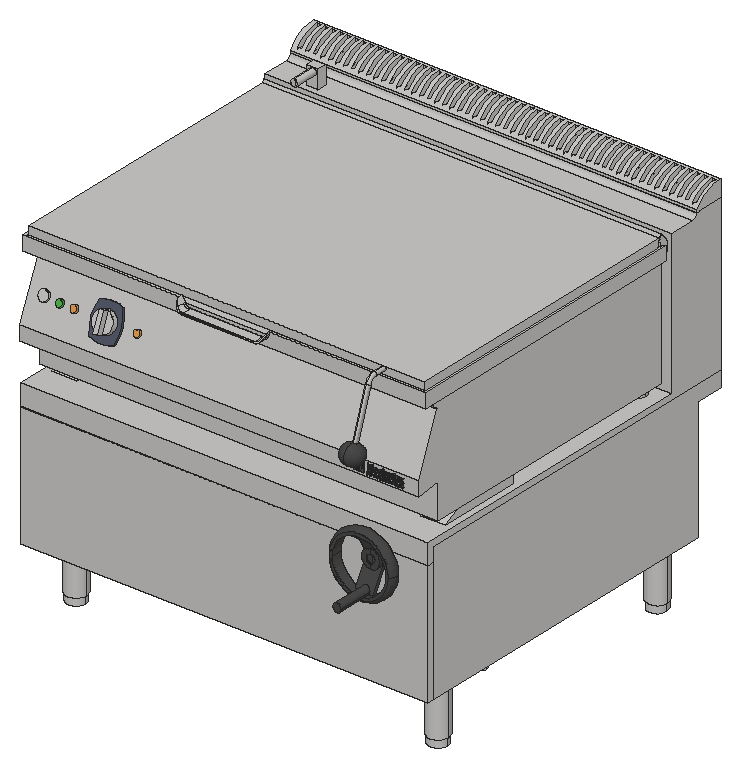
Revit family "QF_ELECTROLUXPROFESSIONAL_391594_E9PPCTBAMGI", category Attrezzature speciali, Revit 2018 (continued)
Lines and regions (mm)
  symbolic lines
    curve 178: line (489.469, -6.761, 0) -> (480.173, -6.761, 0)
    curve 179: line (480.173, -6.761, 0) -> (480.173, -63.911, 0)
    curve 180: line (498.865, -63.911, 0) -> (508.161, -63.911, 0)
    curve 181: line (508.161, -63.911, 0) -> (508.161, -6.761, 0)
    curve 182: line (508.161, -6.761, 0) -> (498.865, -6.761, 0)
    curve 183: line (498.865, -6.761, 0) -> (498.865, -63.911, 0)
    curve 184: line (517.558, -63.911, 0) -> (526.854, -63.911, 0)
    curve 185: line (526.854, -63.911, 0) -> (526.854, -6.761, 0)
    curve 186: line (526.854, -6.761, 0) -> (517.558, -6.761, 0)
    curve 187: line (517.558, -6.761, 0) -> (517.558, -63.911, 0)
    curve 188: line (536.251, -63.911, 0) -> (545.546, -63.911, 0)
    curve 189: line (545.546, -63.911, 0) -> (545.546, -6.761, 0)
    curve 190: line (545.546, -6.761, 0) -> (536.251, -6.761, 0)
    curve 191: line (536.251, -6.761, 0) -> (536.251, -63.911, 0)
    curve 192: line (554.943, -63.911, 0) -> (564.239, -63.911, 0)
    curve 193: line (564.239, -63.911, 0) -> (564.239, -6.761, 0)
    curve 194: line (564.239, -6.761, 0) -> (554.943, -6.761, 0)
    curve 195: line (554.943, -6.761, 0) -> (554.943, -63.911, 0)
    curve 196: line (573.636, -63.911, 0) -> (582.932, -63.911, 0)
    curve 197: line (582.932, -63.911, 0) -> (582.932, -6.761, 0)
    curve 198: line (582.932, -6.761, 0) -> (573.636, -6.761, 0)
    curve 199: line (573.636, -6.761, 0) -> (573.636, -63.911, 0)
    curve 200: line (592.328, -63.911, 0) -> (601.624, -63.911, 0)
    curve 201: line (601.624, -63.911, 0) -> (601.624, -6.761, 0)
    curve 202: line (601.624, -6.761, 0) -> (592.328, -6.761, 0)
    curve 203: line (592.328, -6.761, 0) -> (592.328, -63.911, 0)
    curve 204: line (611.021, -63.911, 0) -> (620.317, -63.911, 0)
    curve 205: line (620.317, -63.911, 0) -> (620.317, -6.761, 0)
    curve 206: line (620.317, -6.761, 0) -> (611.021, -6.761, 0)
    curve 207: line (611.021, -6.761, 0) -> (611.021, -63.911, 0)
    curve 208: line (629.714, -63.911, 0) -> (639.009, -63.911, 0)
    curve 209: line (639.009, -63.911, 0) -> (639.009, -6.761, 0)
    curve 210: line (639.009, -6.761, 0) -> (629.714, -6.761, 0)
    curve 211: line (629.714, -6.761, 0) -> (629.714, -63.911, 0)
    curve 212: line (648.406, -63.911, 0) -> (657.702, -63.911, 0)
    curve 213: line (657.702, -63.911, 0) -> (657.702, -6.761, 0)
    curve 214: line (657.702, -6.761, 0) -> (648.406, -6.761, 0)
    curve 215: line (648.406, -6.761, 0) -> (648.406, -63.911, 0)
    curve 216: line (667.099, -63.911, 0) -> (676.395, -63.911, 0)
    curve 217: line (676.395, -63.911, 0) -> (676.395, -6.761, 0)
    curve 218: line (676.395, -6.761, 0) -> (667.099, -6.761, 0)
    curve 219: line (667.099, -6.761, 0) -> (667.099, -63.911, 0)
    curve 220: line (685.792, -63.911, 0) -> (695.087, -63.911, 0)
    curve 221: line (695.087, -63.911, 0) -> (695.087, -6.761, 0)
    curve 222: line (695.087, -6.761, 0) -> (685.792, -6.761, 0)
    curve 223: line (685.792, -6.761, 0) -> (685.792, -63.911, 0)
    curve 224: line (704.484, -63.911, 0) -> (713.78, -63.911, 0)
    curve 225: line (713.78, -63.911, 0) -> (713.78, -6.761, 0)
    curve 226: line (713.78, -6.761, 0) -> (704.484, -6.761, 0)
    curve 227: line (704.484, -6.761, 0) -> (704.484, -63.911, 0)
    curve 228: line (723.177, -63.911, 0) -> (732.472, -63.911, 0)
    curve 229: line (732.472, -63.911, 0) -> (732.472, -6.761, 0)
    curve 230: line (732.472, -6.761, 0) -> (723.177, -6.761, 0)
    curve 231: line (723.177, -6.761, 0) -> (723.177, -63.911, 0)
    curve 232: line (741.869, -63.911, 0) -> (751.165, -63.911, 0)
    curve 233: line (751.165, -63.911, 0) -> (751.165, -6.761, 0)
    curve 234: line (751.165, -6.761, 0) -> (741.869, -6.761, 0)
    curve 235: line (741.869, -6.761, 0) -> (741.869, -63.911, 0)
    curve 236: line (760.562, -63.911, 0) -> (769.858, -63.911, 0)
    curve 237: line (769.858, -63.911, 0) -> (769.858, -6.761, 0)
    curve 238: line (769.858, -6.761, 0) -> (760.562, -6.761, 0)
    curve 239: line (760.562, -6.761, 0) -> (760.562, -63.911, 0)
    curve 240: line (777.847, -63.911, 0) -> (787.142, -63.911, 0)
    curve 241: line (787.142, -63.911, 0) -> (787.142, -6.761, 0)
    curve 242: line (787.142, -6.761, 0) -> (777.847, -6.761, 0)
    curve 243: line (777.847, -6.761, 0) -> (777.847, -63.911, 0)
    curve 244: line (796.539, -63.911, 0) -> (805.835, -63.911, 0)
    curve 245: line (805.835, -63.911, 0) -> (805.835, -6.761, 0)
    curve 246: line (805.835, -6.761, 0) -> (796.539, -6.761, 0)
    curve 247: line (796.539, -6.761, 0) -> (796.539, -63.911, 0)
    curve 248: line (815.232, -63.911, 0) -> (824.528, -63.911, 0)
    curve 249: line (824.528, -63.911, 0) -> (824.528, -6.761, 0)
    curve 250: line (824.528, -6.761, 0) -> (815.232, -6.761, 0)
    curve 251: line (815.232, -6.761, 0) -> (815.232, -63.911, 0)
    curve 252: line (833.924, -63.911, 0) -> (843.22, -63.911, 0)
    curve 253: line (843.22, -63.911, 0) -> (843.22, -6.761, 0)
    curve 254: line (843.22, -6.761, 0) -> (833.924, -6.761, 0)
    curve 255: line (833.924, -6.761, 0) -> (833.924, -63.911, 0)
    curve 256: line (852.617, -63.911, 0) -> (861.913, -63.911, 0)
    curve 257: line (861.913, -63.911, 0) -> (861.913, -6.761, 0)
    curve 258: line (861.913, -6.761, 0) -> (852.617, -6.761, 0)
    curve 259: line (852.617, -6.761, 0) -> (852.617, -63.911, 0)
    curve 260: line (871.31, -63.911, 0) -> (880.605, -63.911, 0)
    curve 261: line (880.605, -63.911, 0) -> (880.605, -6.761, 0)
    curve 262: line (880.605, -6.761, 0) -> (871.31, -6.761, 0)
    curve 263: line (871.31, -6.761, 0) -> (871.31, -63.911, 0)
    curve 264: line (890.002, -63.911, 0) -> (899.298, -63.911, 0)
    curve 265: line (899.298, -63.911, 0) -> (899.298, -6.761, 0)
    curve 266: line (899.298, -6.761, 0) -> (890.002, -6.761, 0)
    curve 267: line (890.002, -6.761, 0) -> (890.002, -63.911, 0)
    curve 268: line (908.695, -63.911, 0) -> (917.991, -63.911, 0)
    curve 269: line (917.991, -63.911, 0) -> (917.991, -6.761, 0)
    curve 270: line (917.991, -6.761, 0) -> (908.695, -6.761, 0)
    curve 271: line (908.695, -6.761, 0) -> (908.695, -63.911, 0)
    curve 272: line (927.388, -63.911, 0) -> (936.683, -63.911, 0)
    curve 273: line (936.683, -63.911, 0) -> (936.683, -6.761, 0)
    curve 274: line (936.683, -6.761, 0) -> (927.388, -6.761, 0)
    curve 275: line (927.388, -6.761, 0) -> (927.388, -63.911, 0)
    curve 276: line (946.08, -63.911, 0) -> (955.376, -63.911, 0)
    curve 277: line (955.376, -63.911, 0) -> (955.376, -6.761, 0)
    curve 278: line (955.376, -6.761, 0) -> (946.08, -6.761, 0)
    curve 279: line (946.08, -6.761, 0) -> (946.08, -63.911, 0)
    curve 280: line (983.465, -63.911, 0) -> (992.761, -63.911, 0)
    curve 281: line (992.761, -63.911, 0) -> (992.761, -6.761, 0)
    curve 282: line (992.761, -6.761, 0) -> (983.465, -6.761, 0)
    curve 283: line (983.465, -6.761, 0) -> (983.465, -63.911, 0)
    curve 284: line (964.773, -63.911, 0) -> (974.068, -63.911, 0)
    curve 285: line (974.068, -63.911, 0) -> (974.068, -6.761, 0)
    curve 286: line (974.068, -6.761, 0) -> (964.773, -6.761, 0)
    curve 287: line (964.773, -6.761, 0) -> (964.773, -63.911, 0)
  symbolic lines, style "QF_Clearances", visible <- "Show Clearance", detail levels coarse
    curve 17: line (-50, 50, 150) -> (-50, -918.182, 150)
    curve 18: line (1050, 50, 150) -> (1050, -915, 150)
    curve 19: line (1050, 50, 150) -> (-50, 50, 150)
Dimensions and locks
  equal spacing: plane 3 "LEFT", plane 7 "Center Y", plane 4 "RIGHT"
  plane 3 "LEFT" to plane 4 "RIGHT" = 1000 mm
  equal spacing: plane 5 "FRONT", plane 8 "Center X", plane 1 "BACK"
  plane 5 "FRONT" to plane 1 "BACK" = 915 mm  (x2)
  plane 21 to level = 850 mm
  plane 9 "Base" to level = 149 mm
  plane 11 to level = 1653 mm
  plane 11 to plane 2 = 1653 mm
  plane 9 "Base" to plane 2 = 149 mm
  plane 13 to plane 12 = 674 mm
  plane 1 "BACK" to plane 14 = 1034 mm  (x2)
  plane 6 "TOP" to plane 2 = 908 mm
  plane 14 to plane 1 "BACK" = 1034 mm
  plane 4 "RIGHT" to plane 17 to plane 15 to plane 3 "LEFT" = 55 mm, 890 mm, 55 mm
  plane 1 "BACK" to plane 18 = 1014 mm
  Extrusion 12 to plane 1 "BACK" = 69 mm
  Extrusion 6 to plane 9 "Base" = 701 mm
  plane 2 to Extrusion 12 = 448 mm
  Extrusion 3 to plane 13 = 100.182 mm
  plane 12 to Extrusion 12 = 56 mm
  plane 4 "RIGHT" to plane 20 = 14 mm
  plane 21 to plane 9 "Base" to level = 701 mm, 149 mm
  plane 1 "BACK" to Extrusion 12 = 69 mm
  Extrusion 12 to plane 12 = 56 mm
  plane 12 to plane 13 = 674 mm
  plane 13 to Extrusion 3 = 100.182 mm
  Extrusion 12 to level = 448 mm
  plane 6 "TOP" to level = 908 mm
  plane 22 "Connection" to level = 182 mm
  plane 1 "BACK" to plane 23 = 706 mm
  plane 3 "LEFT" to Extrusion 17 sketch curve = 105 mm
  Extrusion 18 sketch curve to plane 1 "BACK" = 698 mm
  plane 3 "LEFT" to Extrusion 18 sketch curve = 195 mm
  Extrusion 18 to plane 1 "BACK" = 698 mm
  plane 3 "LEFT" to Extrusion 19 sketch curve = 265 mm
  plane 3 "LEFT" to plane 25 = 105 mm
  plane 3 "LEFT" to plane 26 = 195 mm
  plane 3 "LEFT" to plane 24 = 265 mm
  Extrusion 3 to Extrusion 15 = 181 mm
  Extrusion 15 to Extrusion 3 = 181 mm
  aligned and locked: level to plane 2
  aligned and locked: Extrusion 12 to plane 3 "LEFT"
Automatic sketch dimensions
  Revolve 1 sketch curve to plane 9 "Base" = 0 mm  (x2)
  Revolve 1 sketch curve to level = 0 mm
  Revolve 1 sketch curve to plane 15 = 0 mm  (x2)
  Revolve 1 sketch curve to Revolve 1 sketch curve = 22.9 mm
  Revolve 1 sketch curve to Revolve 1 sketch curve = 2.5 mm
  level to Revolve 1 sketch curve = 19.05 mm
  Revolve 1 sketch curve to plane 22 "Connection" = 13 mm
  Revolve 2 sketch curve to plane 9 "Base" = 0 mm  (x2)
  Revolve 2 sketch curve to level = 0 mm
  Revolve 2 sketch curve to plane 15 = 0 mm  (x2)
  Revolve 2 sketch curve to Revolve 2 sketch curve = 22.9 mm
  Revolve 2 sketch curve to Revolve 2 sketch curve = 2.5 mm
  level to Revolve 2 sketch curve = 19.05 mm
  Revolve 2 sketch curve to plane 22 "Connection" = 13 mm
  Extrusion 7 sketch curve to plane 10 = 0 mm
  Extrusion 7 sketch curve to plane 13 = 25.484 mm
  plane 13 to Extrusion 7 sketch curve = 28.261 mm
  plane 23 to Extrusion 7 sketch curve = 87.5 mm
  plane 10 to Extrusion 7 sketch curve = 26.213 mm
  Extrusion 8 sketch curve to plane 17 = 8.429 mm
  Extrusion 8 sketch curve to plane 15 = 8.429 mm
  Extrusion 8 sketch curve to plane 12 = 64.686 mm  (x2)
  Extrusion 9 sketch curve to plane 6 "TOP" = 10 mm
  Extrusion 9 sketch curve to plane 12 = 7.127 mm
  plane 12 to Extrusion 9 sketch curve = 16.931 mm
  plane 21 to Extrusion 9 sketch curve = 3.88 mm
  Revolve 10 sketch curve to plane 6 "TOP" = 19.903 mm
  Revolve 10 sketch curve to plane 12 = 63.311 mm
  Revolve 10 sketch curve to plane 12 = 7.127 mm
  Revolve 10 sketch curve to Revolve 10 sketch curve = 0 mm  (x2)
  plane 12 to Revolve 10 sketch curve = 1.394 mm
  Revolve 10 sketch curve to plane 6 "TOP" = 11.778 mm
  Revolve 13 sketch curve to plane 9 "Base" = 0 mm  (x2)
  Revolve 13 sketch curve to level = 0 mm
  plane 17 to Revolve 13 sketch curve = 0 mm  (x2)
  Revolve 13 sketch curve to plane 20 = 18.1 mm
  Revolve 13 sketch curve to Revolve 13 sketch curve = 2.5 mm
  Revolve 13 sketch curve to plane 22 "Connection" = 13 mm
  level to Revolve 13 sketch curve = 19.05 mm
  Revolve 14 sketch curve to plane 9 "Base" = 0 mm  (x2)
  Revolve 14 sketch curve to level = 0 mm
  plane 17 to Revolve 14 sketch curve = 0 mm  (x2)
  Revolve 14 sketch curve to plane 20 = 18.1 mm
  Revolve 14 sketch curve to Revolve 14 sketch curve = 2.5 mm
  Revolve 14 sketch curve to plane 22 "Connection" = 13 mm
  level to Revolve 14 sketch curve = 19.05 mm
  plane 17 to Sweep 20 sketch curve = 60 mm
  Sweep 20 sketch curve to plane 10 = 63.57 mm
  Sweep 20 sketch curve to profile plane = 1.641 mm
  Sweep 20 sketch curve to profile plane = 7.394 mm
  Sweep 20 sketch curve to Sweep 20 sketch curve = 5.753 mm
  Sweep 20 sketch curve to Sweep 20 sketch curve = 6.722 mm
  Sweep 20 sketch curve to Sweep 20 sketch curve = 3.093 mm
  profile plane to Sweep 20 sketch curve = 740.784 mm
  Sweep 20 sketch curve to Sweep 20 sketch curve = 3.53 mm
  Sweep 20 sketch curve to Sweep 20 sketch curve = 10.864 mm
  plane 17 to Extrusion 21 sketch curve = 60 mm
  Extrusion 21 sketch curve to plane 10 = 124.454 mm
  Extrusion 22 sketch curve to plane 25 = 17.623 mm
  plane 25 to Extrusion 23 sketch curve = 17.681 mm
  Extrusion 24 sketch curve to plane 26 = 7.917 mm
  Extrusion 25 sketch curve to Extrusion 25 sketch curve = 24.732 mm
  Extrusion 25 sketch curve to Extrusion 25 sketch curve = 0 mm
  Extrusion 26 sketch curve to plane 15 = 7.427 mm
  Extrusion 27 sketch curve to plane 24 = 12.623 mm
  plane 10 to Extrusion 30 sketch curve = 0 mm
  Extrusion 30 sketch curve to plane 13 = 25.484 mm
  plane 13 to Extrusion 30 sketch curve = 28.261 mm
  plane 23 to Extrusion 30 sketch curve = 87.5 mm
  plane 10 to Extrusion 30 sketch curve = 26.213 mm
  plane 18 to Revolve 34 sketch curve = 18.604 mm
  Revolve 34 sketch curve to Revolve 34 sketch curve = 0 mm  (x4)
  plane 18 to Revolve 34 sketch curve = 22.834 mm
  Revolve 34 sketch curve to Revolve 34 sketch curve = 3.746 mm
  Revolve 34 sketch curve to Revolve 34 sketch curve = 7.415 mm
  plane 10 to Revolve 34 sketch curve = 172.444 mm
  Revolve 34 sketch curve to Revolve 34 sketch curve = 22.45 mm
  Extrusion 35 sketch curve to plane 11 = 87.075 mm
  plane 8 "Center X" to Extrusion 35 sketch curve = 110.667 mm
  Extrusion 35 sketch curve to Extrusion 35 sketch curve = 694.86 mm
  Extrusion 35 sketch curve to Extrusion 35 sketch curve = 15.993 mm
  Extrusion 35 sketch curve to Extrusion 35 sketch curve = 5.354 mm
  Extrusion 35 sketch curve to Extrusion 35 sketch curve = 3.503 mm
  Extrusion 35 sketch curve to Extrusion 35 sketch curve = 12.189 mm
  Extrusion 35 sketch curve to Extrusion 35 sketch curve = 3.348 mm
  Extrusion 35 sketch curve to Extrusion 35 sketch curve = 18.4 mm  (x2)
  Extrusion 35 sketch curve to Extrusion 35 sketch curve = 2.697 mm
  Extrusion 35 sketch curve to Extrusion 35 sketch curve = 14.057 mm
  Extrusion 35 sketch curve to Extrusion 35 sketch curve = 4.418 mm
  Extrusion 35 sketch curve to Extrusion 35 sketch curve = 11 mm
  Extrusion 35 sketch curve to Extrusion 35 sketch curve = 6.539 mm
  Sweep 36 sketch curve to plane 8 "Center X" = 20.462 mm
  Sweep 36 sketch curve to plane 11 = 28.458 mm
  Sweep 36 sketch curve to Sweep 36 sketch curve = 41.037 mm
  Sweep 36 sketch curve to Sweep 36 sketch curve = 18.794 mm
  Sweep 36 sketch curve to Sweep 36 sketch curve = 28.354 mm
  Sweep 36 sketch curve to Sweep 36 sketch curve = 105.908 mm
  Sweep 36 sketch curve to Sweep 36 sketch curve = 6.84 mm
  Sweep 36 sketch curve to profile plane = 0 mm
  profile plane to Sweep 36 sketch curve = 676.16 mm
  Revolve 37 sketch curve to plane 11 = 23.591 mm
  Revolve 37 sketch curve to plane 8 "Center X" = 65.198 mm
  Revolve 37 sketch curve to Revolve 37 sketch curve = 0 mm  (x4)
  Revolve 37 sketch curve to Revolve 37 sketch curve = 4.229 mm
  Revolve 37 sketch curve to Revolve 37 sketch curve = 3.746 mm
  Revolve 37 sketch curve to Revolve 37 sketch curve = 7.415 mm
  Revolve 37 sketch curve to Revolve 37 sketch curve = 22.45 mm
  plane 26 to Extrusion 38 sketch curve = 22.344 mm
  plane 24 to Extrusion 38 sketch curve = 31.059 mm
  Extrusion 38 sketch curve to Extrusion 38 sketch curve = 0 mm
  Extrusion 38 sketch curve to plane 26 = 8.324 mm
  Extrusion 38 sketch curve to Extrusion 38 sketch curve = 12.3 mm  (x2)
  plane 24 to Extrusion 38 sketch curve = 7.4 mm
  Extrusion 38 sketch curve to Extrusion 38 sketch curve = 34.925 mm  (x2)
  Extrusion 38 sketch curve to Extrusion 38 sketch curve = 50.015 mm
  plane 26 to Extrusion 38 sketch curve = 20.225 mm
  Extrusion 40 sketch curve to Extrusion 40 sketch curve = 7.323 mm
  Extrusion 40 sketch curve to Extrusion 40 sketch curve = 14.203 mm
  Extrusion 40 sketch curve to Extrusion 40 sketch curve = 14.214 mm
  Extrusion 40 sketch curve to plane 21 = 19.693 mm
  Extrusion 40 sketch curve to plane 21 = 19.699 mm
  Extrusion 40 sketch curve to Extrusion 40 sketch curve = 4.465 mm
  Extrusion 40 sketch curve to Extrusion 40 sketch curve = 4.485 mm
  Extrusion 40 sketch curve to Extrusion 40 sketch curve = 12.672 mm
  Extrusion 40 sketch curve to Extrusion 40 sketch curve = 21.263 mm
  plane 7 "Center Y" to Extrusion 40 sketch curve = 110.002 mm
  Extrusion 40 sketch curve to plane 7 "Center Y" = 88.472 mm
  Extrusion 40 sketch curve to Extrusion 40 sketch curve = 7.316 mm
  Extrusion 28 sketch curve to Extrusion 28 sketch curve = 0 mm  (x4)
  Extrusion 28 sketch curve to plane 21 = 26.099 mm
  Extrusion 28 sketch curve to plane 7 "Center Y" = 110.002 mm
  Extrusion 28 sketch curve to Extrusion 28 sketch curve = 4.545 mm
  Extrusion 28 sketch curve to plane 21 = 32.371 mm
  Extrusion 28 sketch curve to Extrusion 28 sketch curve = 2.771 mm  (x2)
  Extrusion 28 sketch curve to Extrusion 28 sketch curve = 14.214 mm
  plane 7 "Center Y" to Extrusion 28 sketch curve = 88.476 mm
  Extrusion 28 sketch curve to Extrusion 28 sketch curve = 14.203 mm
  Extrusion 28 sketch curve to plane 21 = 33.978 mm
  Extrusion 28 sketch curve to Extrusion 28 sketch curve = 4.548 mm
  Extrusion 28 sketch curve to Extrusion 28 sketch curve = 8.206 mm
  Extrusion 28 sketch curve to Extrusion 28 sketch curve = 7.878 mm
  Extrusion 28 sketch curve to Extrusion 28 sketch curve = 6.4 mm  (x2)
  Extrusion 28 sketch curve to Extrusion 28 sketch curve = 3.2 mm
  Extrusion 39 sketch curve to Extrusion 39 sketch curve = 0 mm  (x28)
  plane 17 to Extrusion 39 sketch curve = 36.031 mm
  plane 10 to Extrusion 39 sketch curve = 104.853 mm
  Extrusion 39 sketch curve to Extrusion 39 sketch curve = 3.509 mm  (x2)
  Extrusion 39 sketch curve to plane 17 = 4.633 mm
  Extrusion 39 sketch curve to Extrusion 39 sketch curve = 2.459 mm  (x3)
  plane 17 to Extrusion 39 sketch curve = 0.399 mm
  plane 17 to Extrusion 39 sketch curve = 3.14 mm
  plane 17 to Extrusion 39 sketch curve = 9.143 mm
  Extrusion 39 sketch curve to Extrusion 39 sketch curve = 5.968 mm
  Extrusion 39 sketch curve to Extrusion 39 sketch curve = 0.918 mm  (x4)
  Extrusion 39 sketch curve to Extrusion 39 sketch curve = 0.949 mm  (x2)
  Extrusion 39 sketch curve to Extrusion 39 sketch curve = 1.035 mm
  Extrusion 39 sketch curve to Extrusion 39 sketch curve = 1.047 mm
  Extrusion 39 sketch curve to Extrusion 39 sketch curve = 3.513 mm  (x2)
  plane 17 to Extrusion 39 sketch curve = 41.887 mm
  Extrusion 39 sketch curve to Extrusion 39 sketch curve = 0.045 mm  (x2)
  plane 17 to Extrusion 39 sketch curve = 34.554 mm
  Extrusion 39 sketch curve to Extrusion 39 sketch curve = 0.277 mm
  Extrusion 39 sketch curve to Extrusion 39 sketch curve = 0.3 mm  (x2)
  Extrusion 39 sketch curve to Extrusion 39 sketch curve = 0.004 mm  (x3)
  Extrusion 39 sketch curve to Extrusion 39 sketch curve = 0.636 mm
  Extrusion 39 sketch curve to Extrusion 39 sketch curve = 0.02 mm  (x3)
  plane 17 to Extrusion 39 sketch curve = 41.125 mm
  Extrusion 39 sketch curve to Extrusion 39 sketch curve = 0.479 mm  (x2)
  plane 17 to Extrusion 39 sketch curve = 33.791 mm
  Extrusion 39 sketch curve to Extrusion 39 sketch curve = 1.645 mm
  Extrusion 39 sketch curve to Extrusion 39 sketch curve = 1.672 mm
  plane 17 to Extrusion 39 sketch curve = 9.181 mm
  Extrusion 39 sketch curve to Extrusion 39 sketch curve = 1.71 mm
  Extrusion 39 sketch curve to Extrusion 39 sketch curve = 0.447 mm  (x2)
  Extrusion 39 sketch curve to Extrusion 39 sketch curve = 0.343 mm
  Extrusion 39 sketch curve to Extrusion 39 sketch curve = 0.246 mm
  Extrusion 39 sketch curve to Extrusion 39 sketch curve = 0.124 mm  (x2)
  Extrusion 39 sketch curve to Extrusion 39 sketch curve = 1.995 mm
  plane 17 to Extrusion 39 sketch curve = 1.32 mm
  Extrusion 39 sketch curve to Extrusion 39 sketch curve = 0.996 mm  (x2)
  Extrusion 39 sketch curve to Extrusion 39 sketch curve = 0.509 mm
  Extrusion 39 sketch curve to Extrusion 39 sketch curve = 2.427 mm  (x2)
  Extrusion 39 sketch curve to Extrusion 39 sketch curve = 0.616 mm  (x2)
  Extrusion 39 sketch curve to Extrusion 39 sketch curve = 0.017 mm  (x2)
  Extrusion 39 sketch curve to Extrusion 39 sketch curve = 0.926 mm
  Extrusion 39 sketch curve to Extrusion 39 sketch curve = 0.911 mm
  Extrusion 39 sketch curve to Extrusion 39 sketch curve = 1.839 mm
  Extrusion 39 sketch curve to Extrusion 39 sketch curve = 0.306 mm  (x2)
  Extrusion 39 sketch curve to Extrusion 39 sketch curve = 0.917 mm  (x3)
  Extrusion 39 sketch curve to Extrusion 39 sketch curve = 0.159 mm  (x2)
  plane 17 to Extrusion 39 sketch curve = 1.769 mm
  Extrusion 39 sketch curve to Extrusion 39 sketch curve = 1.342 mm
  Extrusion 39 sketch curve to Extrusion 39 sketch curve = 0.187 mm  (x2)
  Extrusion 39 sketch curve to Extrusion 39 sketch curve = 0.679 mm  (x2)
  Extrusion 39 sketch curve to Extrusion 39 sketch curve = 0.67 mm
  Extrusion 39 sketch curve to Extrusion 39 sketch curve = 0.002 mm
  Extrusion 39 sketch curve to Extrusion 39 sketch curve = 0.007 mm  (x3)
  Extrusion 39 sketch curve to Extrusion 39 sketch curve = 0.383 mm  (x4)
  plane 17 to Extrusion 39 sketch curve = 31.86 mm
  plane 17 to Extrusion 39 sketch curve = 39.193 mm
  Extrusion 39 sketch curve to Extrusion 39 sketch curve = 0.075 mm  (x2)
  Extrusion 39 sketch curve to Extrusion 39 sketch curve = 0.677 mm  (x2)
  Extrusion 39 sketch curve to Extrusion 39 sketch curve = 0.957 mm
  Extrusion 39 sketch curve to Extrusion 39 sketch curve = 1.024 mm
  Extrusion 39 sketch curve to Extrusion 39 sketch curve = 0.328 mm  (x2)
  plane 17 to Extrusion 39 sketch curve = 31.143 mm
  Extrusion 39 sketch curve to Extrusion 39 sketch curve = 0.492 mm  (x2)
  plane 17 to Extrusion 39 sketch curve = 38.476 mm
  plane 17 to Extrusion 39 sketch curve = 1.799 mm
  Extrusion 39 sketch curve to Extrusion 39 sketch curve = 1.815 mm
  Extrusion 39 sketch curve to Extrusion 39 sketch curve = 3.936 mm
  plane 17 to Extrusion 39 sketch curve = 11.401 mm
  Extrusion 39 sketch curve to Extrusion 39 sketch curve = 1.802 mm
  Extrusion 39 sketch curve to Extrusion 39 sketch curve = 0.781 mm
  plane 17 to Extrusion 39 sketch curve = 23.717 mm  (x4)
  Extrusion 39 sketch curve to Extrusion 39 sketch curve = 4.769 mm
  plane 17 to Extrusion 39 sketch curve = 48.012 mm  (x4)
  Extrusion 39 sketch curve to Extrusion 39 sketch curve = 4.78 mm
  plane 17 to Extrusion 39 sketch curve = 7.789 mm
  Extrusion 39 sketch curve to Extrusion 39 sketch curve = 4.809 mm
  plane 17 to Extrusion 39 sketch curve = 59.783 mm
  Extrusion 39 sketch curve to Extrusion 39 sketch curve = 4.821 mm
  plane 17 to Extrusion 39 sketch curve = 37.77 mm
  Extrusion 39 sketch curve to Extrusion 39 sketch curve = 5.852 mm
  Extrusion 39 sketch curve to plane 17 = 5.755 mm
  Extrusion 39 sketch curve to Extrusion 39 sketch curve = 5.071 mm  (x3)
  Extrusion 39 sketch curve to plane 17 = 0.598 mm
  Extrusion 39 sketch curve to Extrusion 39 sketch curve = 0.003 mm  (x2)
  plane 17 to Extrusion 39 sketch curve = 38.791 mm
  Extrusion 39 sketch curve to Extrusion 39 sketch curve = 0.046 mm
  Extrusion 39 sketch curve to Extrusion 39 sketch curve = 0.068 mm
  Extrusion 39 sketch curve to Extrusion 39 sketch curve = 10.348 mm
  plane 17 to Extrusion 39 sketch curve = 43.925 mm  (x2)
  Extrusion 39 sketch curve to Extrusion 39 sketch curve = 1.761 mm
  plane 17 to Extrusion 39 sketch curve = 55.493 mm
  Extrusion 39 sketch curve to Extrusion 39 sketch curve = 1.821 mm
  plane 17 to Extrusion 39 sketch curve = 59.702 mm
  Extrusion 39 sketch curve to Extrusion 39 sketch curve = 2.064 mm  (x2)
  Extrusion 39 sketch curve to Extrusion 39 sketch curve = 2.196 mm  (x3)
  Extrusion 39 sketch curve to Extrusion 39 sketch curve = 2.206 mm  (x2)
  plane 17 to Extrusion 39 sketch curve = 7.77 mm
  Extrusion 39 sketch curve to Extrusion 39 sketch curve = 2.216 mm
  Extrusion 39 sketch curve to Extrusion 39 sketch curve = 0.588 mm
  Extrusion 39 sketch curve to Extrusion 39 sketch curve = 0.037 mm
  Extrusion 39 sketch curve to Extrusion 39 sketch curve = 0.109 mm
  plane 17 to Extrusion 39 sketch curve = 37.761 mm
  Extrusion 39 sketch curve to Extrusion 39 sketch curve = 2.272 mm  (x2)
  plane 17 to Extrusion 39 sketch curve = 0.253 mm
  Extrusion 39 sketch curve to Extrusion 39 sketch curve = 2.435 mm
  Extrusion 39 sketch curve to Extrusion 39 sketch curve = 1.25 mm
  plane 17 to Extrusion 39 sketch curve = 56.95 mm
  Extrusion 39 sketch curve to Extrusion 39 sketch curve = 1.417 mm
  plane 17 to Extrusion 39 sketch curve = 45.422 mm  (x2)
  Extrusion 39 sketch curve to Extrusion 39 sketch curve = 1.558 mm  (x2)
  Extrusion 39 sketch curve to plane 17 = 6.031 mm
  Extrusion 39 sketch curve to Extrusion 39 sketch curve = 3.247 mm
  Extrusion 39 sketch curve to plane 17 = 3.176 mm  (x2)
  Extrusion 39 sketch curve to Extrusion 39 sketch curve = 0.339 mm
  Extrusion 39 sketch curve to Extrusion 39 sketch curve = 4.029 mm
  plane 17 to Extrusion 39 sketch curve = 3.116 mm
  Extrusion 39 sketch curve to Extrusion 39 sketch curve = 1.655 mm
  plane 17 to Extrusion 39 sketch curve = 9.985 mm
  Extrusion 39 sketch curve to Extrusion 39 sketch curve = 0.201 mm
  plane 17 to Extrusion 39 sketch curve = 42.42 mm
  Extrusion 39 sketch curve to Extrusion 39 sketch curve = 2.769 mm
  Extrusion 39 sketch curve to Extrusion 39 sketch curve = 0.162 mm
  Extrusion 39 sketch curve to Extrusion 39 sketch curve = 0.137 mm
  Extrusion 39 sketch curve to Extrusion 39 sketch curve = 2.101 mm
  Extrusion 39 sketch curve to Extrusion 39 sketch curve = 0.103 mm  (x2)
  Extrusion 39 sketch curve to Extrusion 39 sketch curve = 2.671 mm
  plane 17 to Extrusion 39 sketch curve = 65.227 mm
  Extrusion 39 sketch curve to Extrusion 39 sketch curve = 0.566 mm
  plane 17 to Extrusion 39 sketch curve = 29.258 mm
  Extrusion 39 sketch curve to Extrusion 39 sketch curve = 3.183 mm  (x2)
  plane 17 to Extrusion 39 sketch curve = 18.177 mm
  Extrusion 39 sketch curve to Extrusion 39 sketch curve = 5.077 mm
  plane 17 to Extrusion 39 sketch curve = 26.859 mm
  plane 17 to Extrusion 39 sketch curve = 20.575 mm
  plane 17 to Extrusion 39 sketch curve = 53.557 mm
  Extrusion 39 sketch curve to Extrusion 39 sketch curve = 0.627 mm
  plane 17 to Extrusion 39 sketch curve = 51.149 mm
  plane 17 to Extrusion 39 sketch curve = 33.375 mm  (x2)
  Extrusion 39 sketch curve to Extrusion 39 sketch curve = 0.262 mm
  Extrusion 39 sketch curve to plane 17 = 1.847 mm
  Extrusion 39 sketch curve to Extrusion 39 sketch curve = 1.773 mm
  Extrusion 39 sketch curve to plane 17 = 4.507 mm
  Extrusion 39 sketch curve to Extrusion 39 sketch curve = 1.793 mm
  Extrusion 39 sketch curve to Extrusion 39 sketch curve = 1.788 mm
  plane 17 to Extrusion 39 sketch curve = 57.274 mm
  Extrusion 39 sketch curve to Extrusion 39 sketch curve = 1.7 mm
  Extrusion 39 sketch curve to Extrusion 39 sketch curve = 1.733 mm
  Extrusion 39 sketch curve to Extrusion 39 sketch curve = 4.169 mm
  Extrusion 39 sketch curve to Extrusion 39 sketch curve = 1.242 mm
  Extrusion 39 sketch curve to Extrusion 39 sketch curve = 2.572 mm  (x2)
  Extrusion 39 sketch curve to plane 17 = 6.394 mm
  Extrusion 39 sketch curve to Extrusion 39 sketch curve = 2.881 mm
  Extrusion 39 sketch curve to Extrusion 39 sketch curve = 3.582 mm
  plane 17 to Extrusion 39 sketch curve = 30.635 mm
  Extrusion 39 sketch curve to Extrusion 39 sketch curve = 0.101 mm
  plane 17 to Extrusion 39 sketch curve = 0.157 mm
  Extrusion 39 sketch curve to Extrusion 39 sketch curve = 2.74 mm
  Extrusion 39 sketch curve to Extrusion 39 sketch curve = 1.113 mm
  plane 17 to Extrusion 39 sketch curve = 59.844 mm  (x2)
  Extrusion 39 sketch curve to Extrusion 39 sketch curve = 2.226 mm
  Extrusion 39 sketch curve to Extrusion 39 sketch curve = 2.28 mm
  Extrusion 39 sketch curve to Extrusion 39 sketch curve = 0.585 mm
  plane 17 to Extrusion 39 sketch curve = 1.659 mm
  Extrusion 39 sketch curve to Extrusion 39 sketch curve = 2.054 mm
  Extrusion 39 sketch curve to plane 17 = 8.011 mm
  Extrusion 39 sketch curve to Extrusion 39 sketch curve = 2.203 mm
  Extrusion 39 sketch curve to Extrusion 39 sketch curve = 1.51 mm
  Extrusion 39 sketch curve to Extrusion 39 sketch curve = 5.923 mm
  plane 17 to Extrusion 39 sketch curve = 29.628 mm
  Extrusion 39 sketch curve to Extrusion 39 sketch curve = 2.337 mm
  Extrusion 39 sketch curve to Extrusion 39 sketch curve = 1.561 mm
  Extrusion 39 sketch curve to Extrusion 39 sketch curve = 3.319 mm
  Extrusion 39 sketch curve to Extrusion 39 sketch curve = 0.191 mm
  Extrusion 39 sketch curve to Extrusion 39 sketch curve = 2.274 mm
  Extrusion 39 sketch curve to Extrusion 39 sketch curve = 3.888 mm  (x2)
  Extrusion 39 sketch curve to Extrusion 39 sketch curve = 0.986 mm
  Extrusion 39 sketch curve to Extrusion 39 sketch curve = 2.599 mm
  Extrusion 39 sketch curve to Extrusion 39 sketch curve = 2.865 mm
  Extrusion 39 sketch curve to Extrusion 39 sketch curve = 0.998 mm  (x6)
  Extrusion 39 sketch curve to Extrusion 39 sketch curve = 1.022 mm
  Extrusion 39 sketch curve to plane 17 = 0.96 mm
  Extrusion 39 sketch curve to plane 17 = 0.674 mm
  plane 17 to Extrusion 39 sketch curve = 0.872 mm
  plane 17 to Extrusion 39 sketch curve = 2.001 mm
  Extrusion 39 sketch curve to Extrusion 39 sketch curve = 0.9 mm
  Extrusion 39 sketch curve to Extrusion 39 sketch curve = 0.448 mm
  Extrusion 39 sketch curve to Extrusion 39 sketch curve = 1.072 mm
  Extrusion 39 sketch curve to Extrusion 39 sketch curve = 2.437 mm
  Extrusion 39 sketch curve to Extrusion 39 sketch curve = 1.008 mm
  Extrusion 39 sketch curve to Extrusion 39 sketch curve = 2.221 mm
  Extrusion 39 sketch curve to Extrusion 39 sketch curve = 0.971 mm
  Extrusion 39 sketch curve to Extrusion 39 sketch curve = 2.438 mm
  Extrusion 39 sketch curve to Extrusion 39 sketch curve = 1.849 mm
  Extrusion 39 sketch curve to Extrusion 39 sketch curve = 2.419 mm
  Extrusion 39 sketch curve to Extrusion 39 sketch curve = 6.696 mm  (x2)
  Extrusion 39 sketch curve to Extrusion 39 sketch curve = 5.345 mm
  Extrusion 39 sketch curve to Extrusion 39 sketch curve = 0.421 mm  (x2)
  Extrusion 39 sketch curve to Extrusion 39 sketch curve = 0.078 mm  (x2)
  Extrusion 39 sketch curve to Extrusion 39 sketch curve = 0.133 mm  (x2)
  Extrusion 39 sketch curve to Extrusion 39 sketch curve = 0.006 mm  (x2)
  Extrusion 39 sketch curve to Extrusion 39 sketch curve = 0.23 mm  (x2)
  Extrusion 39 sketch curve to Extrusion 39 sketch curve = 0.065 mm  (x2)
  Extrusion 39 sketch curve to Extrusion 39 sketch curve = 0.279 mm  (x2)
  Extrusion 39 sketch curve to Extrusion 39 sketch curve = 0.251 mm  (x2)
  Extrusion 39 sketch curve to Extrusion 39 sketch curve = 0.134 mm  (x2)
  Extrusion 39 sketch curve to Extrusion 39 sketch curve = 0.009 mm  (x2)
  Extrusion 39 sketch curve to Extrusion 39 sketch curve = 0.164 mm  (x2)
  Extrusion 39 sketch curve to Extrusion 39 sketch curve = 0.077 mm  (x2)
  Extrusion 39 sketch curve to Extrusion 39 sketch curve = 0.866 mm  (x2)
  Extrusion 39 sketch curve to Extrusion 39 sketch curve = 2.398 mm
  Extrusion 39 sketch curve to Extrusion 39 sketch curve = 2.034 mm
  Extrusion 39 sketch curve to Extrusion 39 sketch curve = 2.418 mm
  Extrusion 39 sketch curve to Extrusion 39 sketch curve = 1.355 mm
  Extrusion 39 sketch curve to Extrusion 39 sketch curve = 3.835 mm
  Extrusion 39 sketch curve to Extrusion 39 sketch curve = 0.047 mm  (x2)
  Extrusion 39 sketch curve to Extrusion 39 sketch curve = 0.135 mm
  Extrusion 39 sketch curve to Extrusion 39 sketch curve = 0.977 mm
  Extrusion 39 sketch curve to Extrusion 39 sketch curve = 0.409 mm
  Extrusion 39 sketch curve to Extrusion 39 sketch curve = 4.118 mm
  Extrusion 39 sketch curve to Extrusion 39 sketch curve = 0.175 mm
  Extrusion 39 sketch curve to Extrusion 39 sketch curve = 1.289 mm
  Extrusion 39 sketch curve to Extrusion 39 sketch curve = 1.827 mm
  Extrusion 39 sketch curve to Extrusion 39 sketch curve = 2.51 mm
  Extrusion 39 sketch curve to Extrusion 39 sketch curve = 0.061 mm
  Extrusion 39 sketch curve to Extrusion 39 sketch curve = 6.931 mm
  Extrusion 39 sketch curve to Extrusion 39 sketch curve = 6.197 mm
  Extrusion 39 sketch curve to Extrusion 39 sketch curve = 2.417 mm
  Extrusion 39 sketch curve to Extrusion 39 sketch curve = 1.133 mm
  Extrusion 39 sketch curve to Extrusion 39 sketch curve = 0.032 mm
  Extrusion 39 sketch curve to Extrusion 39 sketch curve = 0.82 mm
  Extrusion 39 sketch curve to Extrusion 39 sketch curve = 1.717 mm
  Extrusion 39 sketch curve to Extrusion 39 sketch curve = 0.161 mm
  Extrusion 39 sketch curve to Extrusion 39 sketch curve = 1.885 mm
  Extrusion 39 sketch curve to Extrusion 39 sketch curve = 2.261 mm
  Extrusion 39 sketch curve to Extrusion 39 sketch curve = 1.718 mm
  Extrusion 39 sketch curve to Extrusion 39 sketch curve = 0.886 mm
  Extrusion 39 sketch curve to Extrusion 39 sketch curve = 4.451 mm
  Extrusion 39 sketch curve to Extrusion 39 sketch curve = 1.997 mm
  Extrusion 39 sketch curve to Extrusion 39 sketch curve = 0.001 mm
  Extrusion 39 sketch curve to Extrusion 39 sketch curve = 5.646 mm
  Extrusion 39 sketch curve to Extrusion 39 sketch curve = 0.067 mm
  Extrusion 39 sketch curve to Extrusion 39 sketch curve = 0.04 mm
  Extrusion 39 sketch curve to Extrusion 39 sketch curve = 0.939 mm
  Extrusion 39 sketch curve to Extrusion 39 sketch curve = 0.873 mm
  Extrusion 39 sketch curve to Extrusion 39 sketch curve = 2.416 mm
  Extrusion 39 sketch curve to Extrusion 39 sketch curve = 9.714 mm
  Extrusion 39 sketch curve to Extrusion 39 sketch curve = 8.795 mm
  Extrusion 39 sketch curve to Extrusion 39 sketch curve = 1.097 mm  (x2)
  Extrusion 39 sketch curve to Extrusion 39 sketch curve = 1.972 mm
  Extrusion 39 sketch curve to Extrusion 39 sketch curve = 0.238 mm
  Extrusion 39 sketch curve to Extrusion 39 sketch curve = 3.568 mm
  Extrusion 39 sketch curve to Extrusion 39 sketch curve = 3.898 mm
  Extrusion 39 sketch curve to Extrusion 39 sketch curve = 0.915 mm  (x2)
  Extrusion 39 sketch curve to Extrusion 39 sketch curve = 0.408 mm  (x2)
  Extrusion 39 sketch curve to Extrusion 39 sketch curve = 0.453 mm  (x2)
  Extrusion 39 sketch curve to Extrusion 39 sketch curve = 0.239 mm  (x2)
  Extrusion 39 sketch curve to Extrusion 39 sketch curve = 0.266 mm  (x2)
  Extrusion 39 sketch curve to Extrusion 39 sketch curve = 0.148 mm  (x2)
  Extrusion 39 sketch curve to Extrusion 39 sketch curve = 0.764 mm  (x2)
  Extrusion 39 sketch curve to Extrusion 39 sketch curve = 0.041 mm  (x2)
  Extrusion 39 sketch curve to Extrusion 39 sketch curve = 1.266 mm  (x2)
  plane 27 "FUME" to Extrusion 42 sketch curve = 0 mm
  Extrusion 42 sketch curve to plane 1 "BACK" = 0 mm
  plane 1 "BACK" to Extrusion 42 sketch curve = 1.769 mm
  Extrusion 42 sketch curve to plane 27 "FUME" = 5.044 mm
  plane 12 to Extrusion 42 sketch curve = 53.372 mm
  Extrusion 42 sketch curve to plane 21 = 26.875 mm
  plane 20 to Extrusion 41 sketch curve = 6.761 mm
  Extrusion 41 sketch curve to plane 20 = 2.535 mm
  Extrusion 41 sketch curve to Extrusion 41 sketch curve = 9.397 mm  (x45)
  Extrusion 41 sketch curve to Extrusion 41 sketch curve = 9.296 mm  (x46)
  Extrusion 41 sketch curve to plane 17 = 1.08 mm
  plane 17 to Extrusion 41 sketch curve = 8.317 mm
  Extrusion 41 sketch curve to Extrusion 41 sketch curve = 7.989 mm
  plane 7 "Center Y" to Extrusion 41 sketch curve = 8.161 mm
  Extrusion 41 sketch curve to plane 7 "Center Y" = 1.135 mm
  Extrusion 41 sketch curve to plane 24 = 0.157 mm
  plane 24 to Extrusion 41 sketch curve = 9.138 mm
  Extrusion 41 sketch curve to plane 26 = 4.784 mm
  plane 26 to Extrusion 41 sketch curve = 4.613 mm
  Extrusion 41 sketch curve to plane 25 = 1.321 mm
  plane 25 to Extrusion 41 sketch curve = 8.076 mm
  plane 15 to Extrusion 41 sketch curve = 4.539 mm
  Extrusion 41 sketch curve to plane 15 = 4.757 mm
  plane 1 "BACK" to Extrusion 41 sketch curve = 6.761 mm  (x53)
  Extrusion 41 sketch curve to Extrusion 41 sketch curve = 57.15 mm  (x4)
  Extrusion 41 sketch curve to Extrusion 41 sketch curve = 0 mm  (x49)
  plane 3 "LEFT" to curve 79 = 12.858 mm
  curve 78 to curve 78 = 9.296 mm
  curve 76 to curve 80 = 9.397 mm
  curve 80 to curve 81 = 9.296 mm
  curve 84 to plane 15 = 4.757 mm
  plane 15 to curve 85 = 4.539 mm
  curve 84 to curve 88 = 9.397 mm
  curve 90 to curve 89 = 9.296 mm
  curve 88 to curve 95 = 9.397 mm
  plane 25 to curve 94 = 8.076 mm
  curve 96 to plane 25 = 1.321 mm
  curve 96 to curve 97 = 9.296 mm
  curve 96 to curve 103 = 9.397 mm
  curve 102 to curve 102 = 9.296 mm
  curve 100 to curve 104 = 9.397 mm
  curve 106 to curve 105 = 9.296 mm
  curve 104 to curve 108 = 9.397 mm
  curve 110 to curve 109 = 9.296 mm
  curve 108 to curve 112 = 9.397 mm
  plane 26 to curve 113 = 4.613 mm
  curve 116 to plane 26 = 4.784 mm
  curve 118 to curve 117 = 9.296 mm
  curve 116 to curve 120 = 9.397 mm
  curve 122 to curve 121 = 9.296 mm
  curve 120 to curve 124 = 9.397 mm
  curve 126 to curve 125 = 9.296 mm
  plane 24 to curve 131 = 9.138 mm
  curve 130 to plane 24 = 0.157 mm
  curve 128 to curve 135 = 9.397 mm
  curve 134 to curve 134 = 9.296 mm
  curve 132 to curve 136 = 9.397 mm
  curve 136 to curve 137 = 9.296 mm
  curve 136 to curve 140 = 9.397 mm
  curve 142 to curve 141 = 9.296 mm
  curve 140 to curve 144 = 9.397 mm
  curve 146 to curve 145 = 9.296 mm
  curve 144 to curve 151 = 9.397 mm
  curve 150 to curve 150 = 9.296 mm
  curve 148 to curve 152 = 9.397 mm
  curve 152 to curve 153 = 9.296 mm
  curve 152 to curve 159 = 9.397 mm
  curve 158 to curve 158 = 9.296 mm
  curve 156 to curve 163 = 9.397 mm
  curve 162 to curve 162 = 9.296 mm
  curve 160 to curve 164 = 9.397 mm
  curve 164 to curve 165 = 9.296 mm
  curve 164 to curve 171 = 9.397 mm
  curve 170 to curve 170 = 9.296 mm
  curve 168 to curve 172 = 9.397 mm
  curve 174 to curve 173 = 9.296 mm
  curve 172 to curve 176 = 9.397 mm
  curve 178 to curve 177 = 9.296 mm
  curve 180 to plane 7 "Center Y" = 1.135 mm
  plane 7 "Center Y" to curve 181 = 8.161 mm
  curve 180 to curve 187 = 9.397 mm
  curve 186 to curve 186 = 9.296 mm
  curve 184 to curve 188 = 9.397 mm
  curve 188 to curve 189 = 9.296 mm
  curve 188 to curve 192 = 9.397 mm
  curve 194 to curve 193 = 9.296 mm
  curve 192 to curve 196 = 9.397 mm
  curve 198 to curve 197 = 9.296 mm
  curve 196 to curve 203 = 9.397 mm
  curve 202 to curve 202 = 9.296 mm
  curve 200 to curve 204 = 9.397 mm
  curve 204 to curve 205 = 9.296 mm
  curve 204 to curve 211 = 9.397 mm
  curve 210 to curve 210 = 9.296 mm
  curve 208 to curve 215 = 9.397 mm
  curve 214 to curve 214 = 9.296 mm
  curve 212 to curve 216 = 9.397 mm
  curve 216 to curve 217 = 9.296 mm
  curve 216 to curve 223 = 9.397 mm
  curve 222 to curve 222 = 9.296 mm
  curve 220 to curve 224 = 9.397 mm
  curve 226 to curve 225 = 9.296 mm
  curve 224 to curve 228 = 9.397 mm
  curve 230 to curve 229 = 9.296 mm
  curve 228 to curve 232 = 9.397 mm
  curve 234 to curve 233 = 9.296 mm
  curve 232 to curve 236 = 9.397 mm
  curve 238 to curve 237 = 9.296 mm
  curve 236 to curve 240 = 7.989 mm
  curve 242 to curve 241 = 9.296 mm
  curve 240 to curve 244 = 9.397 mm
  curve 246 to curve 245 = 9.296 mm
  curve 244 to curve 251 = 9.397 mm
  curve 250 to curve 250 = 9.296 mm
  curve 248 to curve 255 = 9.397 mm
  curve 254 to curve 254 = 9.296 mm
  curve 252 to curve 256 = 9.397 mm
  curve 256 to curve 257 = 9.296 mm
  curve 256 to curve 260 = 9.397 mm
  curve 262 to curve 261 = 9.296 mm
  curve 260 to curve 264 = 9.397 mm
  curve 266 to curve 265 = 9.296 mm
  curve 264 to curve 268 = 9.397 mm
  curve 270 to curve 269 = 9.296 mm
  curve 268 to curve 272 = 9.397 mm
  plane 17 to curve 273 = 8.317 mm
  curve 276 to plane 17 = 1.08 mm
  curve 278 to curve 277 = 9.296 mm
  curve 277 to curve 287 = 9.397 mm
  curve 284 to curve 285 = 9.296 mm
  curve 283 to plane 20 = 2.535 mm
  plane 20 to curve 280 = 6.761 mm
  plane 12 to curve 76 = 61.089 mm
  plane 12 to curve 285 = 61.089 mm
  curve 284 to curve 283 = 0 mm
  curve 76 to curve 80 = 0 mm
  curve 279 to curve 284 = 0 mm
  curve 80 to curve 84 = 0 mm
  curve 275 to curve 276 = 0 mm
  curve 84 to curve 88 = 0 mm
  curve 271 to curve 272 = 0 mm
  curve 88 to curve 92 = 0 mm
  curve 267 to curve 268 = 0 mm
  curve 92 to curve 96 = 0 mm
  curve 263 to curve 264 = 0 mm
  curve 96 to curve 100 = 0 mm
  curve 259 to curve 260 = 0 mm
  curve 100 to curve 104 = 0 mm
  curve 255 to curve 256 = 0 mm
  curve 104 to curve 108 = 0 mm
  curve 251 to curve 252 = 0 mm
  curve 108 to curve 112 = 0 mm
  curve 247 to curve 248 = 0 mm
  curve 112 to curve 116 = 0 mm
  curve 243 to curve 244 = 0 mm
  curve 116 to curve 120 = 0 mm
  curve 239 to curve 240 = 0 mm
  curve 120 to curve 124 = 0 mm
  curve 235 to curve 236 = 0 mm
  curve 124 to curve 128 = 0 mm
  curve 231 to curve 232 = 0 mm
  curve 128 to curve 132 = 0 mm
  curve 227 to curve 228 = 0 mm
  curve 132 to curve 136 = 0 mm
  curve 223 to curve 224 = 0 mm
  curve 136 to curve 140 = 0 mm
  curve 219 to curve 220 = 0 mm
  curve 140 to curve 144 = 0 mm
  curve 215 to curve 216 = 0 mm
  curve 144 to curve 148 = 0 mm
  curve 211 to curve 212 = 0 mm
  curve 148 to curve 152 = 0 mm
  curve 207 to curve 208 = 0 mm
  curve 152 to curve 156 = 0 mm
  curve 203 to curve 204 = 0 mm
  curve 156 to curve 160 = 0 mm
  curve 199 to curve 200 = 0 mm
  curve 160 to curve 164 = 0 mm
  curve 195 to curve 196 = 0 mm
  curve 164 to curve 168 = 0 mm
  curve 191 to curve 192 = 0 mm
  curve 168 to curve 172 = 0 mm
  curve 187 to curve 188 = 0 mm
  curve 172 to curve 176 = 0 mm
  curve 176 to curve 183 = 0 mm
  plane 1 "BACK" to curve 181 = 6.761 mm
  plane 1 "BACK" to curve 179 = 6.761 mm
  plane 1 "BACK" to curve 185 = 6.761 mm
  plane 1 "BACK" to curve 175 = 6.761 mm
  plane 1 "BACK" to curve 189 = 6.761 mm
  plane 1 "BACK" to curve 171 = 6.761 mm
  plane 1 "BACK" to curve 193 = 6.761 mm
  plane 1 "BACK" to curve 167 = 6.761 mm
  plane 1 "BACK" to curve 197 = 6.761 mm
  plane 1 "BACK" to curve 163 = 6.761 mm
  plane 1 "BACK" to curve 201 = 6.761 mm
  plane 1 "BACK" to curve 159 = 6.761 mm
  plane 1 "BACK" to curve 205 = 6.761 mm
  plane 1 "BACK" to curve 155 = 6.761 mm
  plane 1 "BACK" to curve 209 = 6.761 mm
  plane 1 "BACK" to curve 151 = 6.761 mm
  plane 1 "BACK" to curve 213 = 6.761 mm
  plane 1 "BACK" to curve 147 = 6.761 mm
  plane 1 "BACK" to curve 217 = 6.761 mm
  plane 1 "BACK" to curve 143 = 6.761 mm
  plane 1 "BACK" to curve 221 = 6.761 mm
  plane 1 "BACK" to curve 139 = 6.761 mm
  plane 1 "BACK" to curve 225 = 6.761 mm
  plane 1 "BACK" to curve 135 = 6.761 mm
  plane 1 "BACK" to curve 229 = 6.761 mm
  plane 1 "BACK" to curve 131 = 6.761 mm
  plane 1 "BACK" to curve 233 = 6.761 mm
  plane 1 "BACK" to curve 127 = 6.761 mm
  plane 1 "BACK" to curve 237 = 6.761 mm
  plane 1 "BACK" to curve 123 = 6.761 mm
  plane 1 "BACK" to curve 241 = 6.761 mm
  plane 1 "BACK" to curve 119 = 6.761 mm
  plane 1 "BACK" to curve 245 = 6.761 mm
  plane 1 "BACK" to curve 115 = 6.761 mm
  plane 1 "BACK" to curve 249 = 6.761 mm
  plane 1 "BACK" to curve 111 = 6.761 mm
  plane 1 "BACK" to curve 253 = 6.761 mm
  plane 1 "BACK" to curve 107 = 6.761 mm
  plane 1 "BACK" to curve 257 = 6.761 mm
  plane 1 "BACK" to curve 103 = 6.761 mm
  plane 1 "BACK" to curve 261 = 6.761 mm
  plane 1 "BACK" to curve 99 = 6.761 mm
  plane 1 "BACK" to curve 265 = 6.761 mm
  plane 1 "BACK" to curve 95 = 6.761 mm
  plane 1 "BACK" to curve 269 = 6.761 mm
  plane 1 "BACK" to curve 91 = 6.761 mm
  plane 1 "BACK" to curve 273 = 6.761 mm
  plane 1 "BACK" to curve 87 = 6.761 mm
  plane 1 "BACK" to curve 277 = 6.761 mm
  plane 1 "BACK" to curve 83 = 6.761 mm
  plane 1 "BACK" to curve 281 = 6.761 mm
  plane 1 "BACK" to curve 79 = 6.761 mm
  plane 1 "BACK" to curve 285 = 6.761 mm
  curve 8 to plane 4 "RIGHT" = 0 mm
  plane 5 "FRONT" to curve 54 = 0 mm
  plane 5 "FRONT" to curve 14 = 0 mm
  plane 5 "FRONT" to curve 51 = 0 mm
  plane 5 "FRONT" to curve 1 = 0 mm
  curve 4 to plane 3 "LEFT" = 0 mm
  plane 1 "BACK" to curve 16 = 0 mm
  curve 9 to plane 4 "RIGHT" = 5 mm
  plane 20 to curve 15 = 1.637 mm
  plane 17 to curve 21 = 55 mm
  curve 21 to curve 20 = 10 mm
  curve 41 to plane 26 = 13.703 mm
  curve 42 to plane 26 = 2.131 mm
  curve 12 to plane 25 = 12.192 mm
  curve 29 to plane 25 = 11.843 mm
  curve 26 to plane 25 = 6.375 mm
  plane 25 to curve 13 = 0.933 mm
  curve 27 to curve 11 = 4.184 mm
  plane 25 to curve 31 = 17.531 mm
  plane 3 "LEFT" to curve 35 = 12.363 mm
  plane 3 "LEFT" to curve 6 = 5 mm
  plane 12 to curve 31 = 16.931 mm
  curve 29 to plane 12 = 7.127 mm
  curve 9 to plane 12 = 35.853 mm
  curve 6 to plane 12 = 35.853 mm
  curve 3 to curve 35 = 11.257 mm
  curve 10 to curve 27 = 16.201 mm
  curve 26 to curve 12 = 4.36 mm
  curve 15 to plane 5 "FRONT" = 23.18 mm
  curve 15 to curve 5 = 7.363 mm
  curve 15 to curve 2 = 7.363 mm
  curve 51 to curve 42 = 9.708 mm
  plane 18 to curve 20 = 33.995 mm
  curve 21 to curve 24 = 0 mm
  plane 20 to curve 54 = 4 mm
  curve 7 to curve 36 = 1.363 mm
  curve 25 to curve 23 = 2.891 mm
  curve 22 to curve 25 = 0 mm
  curve 24 to curve 21 = 0 mm
  curve 22 to curve 23 = 0 mm
  curve 52 to plane 5 "FRONT" = 15.818 mm
  plane 7 "Center Y" to curve 52 = 119.371 mm
  curve 52 to curve 14 = 14.828 mm
  curve 51 to plane 7 "Center Y" = 104.55 mm
  curve 51 to curve 2 = 14.828 mm
  curve 44 to curve 43 = 0 mm
  plane 5 "FRONT" to curve 43 = 0.021 mm
  plane 26 to curve 43 = 14.939 mm
  plane 5 "FRONT" to curve 44 = 0.021 mm
  plane 3 "LEFT" to curve 44 = 25.774 mm
  plane 3 "LEFT" to curve 1 = 10 mm
  plane 12 to curve 8 = 53.372 mm
  curve 9 to curve 12 = 10.8 mm
  curve 22 to curve 21 = 5.737 mm
  curve 25 to curve 20 = 5.737 mm
  curve 25 to curve 23 = 0 mm
  curve 23 to curve 25 = 2.717 mm
  plane 5 "FRONT" to curve 18 = 0 mm
  plane 4 "RIGHT" to curve 18 = 50 mm
  curve 19 to plane 3 "LEFT" = 50 mm
  curve 17 to plane 1 "BACK" = 50 mm
  plane 5 "FRONT" to curve 17 = 3.182 mm
  Extrusion 3 sketch curve to plane 10 = 0 mm
  Extrusion 3 sketch curve to plane 9 "Base" = 0 mm
  plane 27 "FUME" to Extrusion 3 sketch curve = 0 mm
  Extrusion 3 sketch curve to plane 1 "BACK" = 0 mm
  plane 12 to Extrusion 3 sketch curve = 53.372 mm
  Extrusion 3 sketch curve to Extrusion 3 sketch curve = 12.368 mm
  Extrusion 3 sketch curve to plane 12 = 25 mm
  Extrusion 3 sketch curve to plane 5 "FRONT" = 30.818 mm  (x2)
  Extrusion 3 sketch curve to plane 10 = 15 mm
  Extrusion 3 sketch curve to Extrusion 3 sketch curve = 15 mm
  Extrusion 3 sketch curve to plane 5 "FRONT" = 15.818 mm
  Extrusion 3 sketch curve to Extrusion 3 sketch curve = 36 mm
  Extrusion 3 sketch curve to Extrusion 3 sketch curve = 1 mm
  Extrusion 4 sketch curve to plane 5 "FRONT" = 0 mm
  Extrusion 4 sketch curve to plane 5 "FRONT" = 21.818 mm
  Extrusion 4 sketch curve to Extrusion 4 sketch curve = 35.236 mm
  plane 10 to Extrusion 4 sketch curve = 26.213 mm
  Extrusion 4 sketch curve to plane 13 = 56.447 mm
  Extrusion 4 sketch curve to plane 12 = 45.653 mm
  Extrusion 4 sketch curve to Extrusion 4 sketch curve = 77.688 mm
  Extrusion 4 sketch curve to Extrusion 4 sketch curve = 7.312 mm
  Extrusion 4 sketch curve to Extrusion 4 sketch curve = 35 mm
  Extrusion 4 sketch curve to plane 21 = 75.554 mm
  Extrusion 4 sketch curve to plane 21 = 40.319 mm
  Extrusion 4 sketch curve to plane 21 = 32.873 mm
  plane 16 to Sweep 5 sketch curve = 0 mm
  Sweep 5 sketch curve to plane 4 "RIGHT" = 5 mm
  plane 3 "LEFT" to Sweep 5 sketch curve = 5 mm
  Sweep 5 sketch curve to plane 5 "FRONT" = 15.818 mm  (x2)
  plane 7 "Center Y" to Sweep 5 sketch curve = 110.002 mm
  Sweep 5 sketch curve to plane 7 "Center Y" = 110.002 mm
  Sweep 5 sketch curve to profile plane = 0 mm
  profile plane to Sweep 5 sketch curve = 5 mm
  Sweep 5 sketch curve to Sweep 5 sketch curve = 1 mm
  profile plane to Sweep 5 sketch curve = 651.359 mm
  Sweep 5 sketch curve to Sweep 5 sketch curve = 29.703 mm
  Sweep 5 sketch curve to Sweep 5 sketch curve = 4.238 mm
  Extrusion 6 sketch curve to plane 21 = 0 mm
  Extrusion 6 sketch curve to plane 5 "FRONT" = 23.18 mm
  Extrusion 6 sketch curve to plane 21 = 33.757 mm
  Extrusion 6 sketch curve to plane 12 = 71.96 mm
  Extrusion 6 sketch curve to plane 21 = 19.699 mm
  Extrusion 6 sketch curve to Extrusion 6 sketch curve = 15.993 mm
  Extrusion 6 sketch curve to plane 21 = 8.699 mm
  Extrusion 6 sketch curve to Extrusion 6 sketch curve = 5.354 mm
  Extrusion 6 sketch curve to Extrusion 6 sketch curve = 3.503 mm
  Extrusion 6 sketch curve to Extrusion 6 sketch curve = 12.189 mm
  plane 21 to Extrusion 6 sketch curve = 6.539 mm
  Extrusion 6 sketch curve to Extrusion 6 sketch curve = 3.348 mm
  Extrusion 6 sketch curve to plane 21 = 17.978 mm
  Extrusion 6 sketch curve to Extrusion 6 sketch curve = 22.819 mm
  Extrusion 6 sketch curve to Extrusion 6 sketch curve = 2.697 mm
  plane 5 "FRONT" to Extrusion 11 sketch curve = 0 mm  (x2)
  Extrusion 11 sketch curve to plane 3 "LEFT" = 0 mm
  plane 1 "BACK" to Extrusion 11 sketch curve = 0 mm
  Extrusion 11 sketch curve to plane 4 "RIGHT" = 0 mm
  Extrusion 11 sketch curve to plane 3 "LEFT" = 50 mm
  plane 4 "RIGHT" to Extrusion 11 sketch curve = 50 mm
  Extrusion 11 sketch curve to plane 1 "BACK" = 50 mm
  Extrusion 12 sketch curve to plane 9 "Base" = 0 mm
  Extrusion 12 sketch curve to plane 1 "BACK" = 0 mm
  plane 12 to Extrusion 12 sketch curve = 56 mm
  Extrusion 12 sketch curve to plane 5 "FRONT" = 30.818 mm
  Extrusion 12 sketch curve to plane 10 = 54.193 mm
  Extrusion 12 sketch curve to plane 10 = 15 mm
  Extrusion 15 sketch curve to Extrusion 12 = 14 mm
  Extrusion 15 sketch curve to Extrusion 12 = 166 mm
  Extrusion 16 sketch curve to Extrusion 3 = 12.75 mm
  Extrusion 3 to Extrusion 16 sketch curve = 115 mm
  Extrusion 17 sketch curve to plane 23 = 0 mm
  Extrusion 19 sketch curve to plane 23 = 0 mm
  curve 34 to plane 4 "RIGHT" = 0 mm
  plane 5 "FRONT" to curve 37 = 0 mm
  plane 5 "FRONT" to curve 63 = 0 mm
  curve 55 to plane 14 = 0 mm
  plane 5 "FRONT" to curve 64 = 0 mm
  plane 5 "FRONT" to curve 38 = 0 mm
  curve 33 to plane 3 "LEFT" = 0 mm
  curve 67 to plane 17 = 18.359 mm
  curve 61 to curve 62 = 5.753 mm
  curve 58 to plane 17 = 12.606 mm
  curve 61 to plane 17 = 2.864 mm
  plane 17 to curve 55 = 50 mm
  curve 55 to curve 70 = 10.043 mm
  curve 55 to curve 57 = 20 mm
  curve 70 to curve 65 = 62.822 mm
  curve 65 to curve 69 = 9.742 mm
  plane 5 "FRONT" to curve 66 = 26.466 mm
  curve 65 to curve 66 = 9.742 mm
  plane 5 "FRONT" to curve 66 = 29.996 mm
  curve 59 to curve 66 = 5.753 mm
  plane 5 "FRONT" to curve 73 = 4.277 mm
  plane 7 "Center Y" to curve 73 = 95.475 mm
  curve 73 to plane 7 "Center Y" = 95.477 mm
  plane 5 "FRONT" to curve 68 = 26.466 mm
  curve 62 to curve 62 = 3.53 mm
  curve 62 to curve 61 = 10.884 mm
  curve 59 to curve 65 = 10.884 mm
  plane 18 to curve 70 = 26.522 mm
  plane 20 to curve 37 = 4 mm
  plane 17 to curve 63 = 36.608 mm
  curve 63 to curve 58 = 7.203 mm
  curve 63 to curve 68 = 18.392 mm
  curve 58 to curve 70 = 11.189 mm
  curve 67 to curve 68 = 0 mm
  curve 67 to curve 60 = 10 mm
  curve 59 to curve 60 = 0 mm
  curve 70 to curve 70 = 10 mm
  curve 59 to curve 64 = 15.971 mm
  curve 71 to plane 5 "FRONT" = 15.818 mm
  curve 71 to curve 73 = 23.896 mm
  curve 72 to curve 73 = 11.938 mm
  curve 71 to plane 5 "FRONT" = 0.965 mm
  curve 72 to curve 71 = 1.965 mm
  curve 71 to curve 72 = 0.006 mm
  curve 72 to plane 5 "FRONT" = 5.606 mm
  curve 73 to curve 72 = 8.908 mm
  curve 75 to plane 5 "FRONT" = 5.613 mm
  curve 75 to curve 73 = 8.911 mm
  curve 75 to plane 5 "FRONT" = 0.971 mm
  curve 75 to curve 75 = 9.976 mm
  curve 74 to plane 5 "FRONT" = 0.969 mm
  curve 75 to curve 74 = 0.006 mm
  curve 74 to plane 5 "FRONT" = 15.818 mm
  curve 75 to curve 74 = 11.953 mm
  plane 24 to curve 49 = 7.4 mm
  curve 49 to curve 47 = 18.697 mm
  curve 47 to curve 47 = 4.962 mm
  curve 46 to curve 48 = 5.624 mm
  curve 48 to curve 45 = 1.683 mm  (x2)
  curve 48 to curve 46 = 2.505 mm
  curve 45 to plane 5 "FRONT" = 2.513 mm
  curve 45 to plane 26 = 13.703 mm
  curve 50 to plane 26 = 8.298 mm
  curve 46 to curve 50 = 0 mm
  curve 45 to plane 26 = 7.917 mm
  curve 48 to curve 45 = 0 mm
  curve 48 to plane 26 = 2.131 mm
  plane 26 to curve 50 = 15.129 mm
  curve 50 to curve 48 = 0.67 mm
  curve 45 to curve 50 = 4.861 mm
